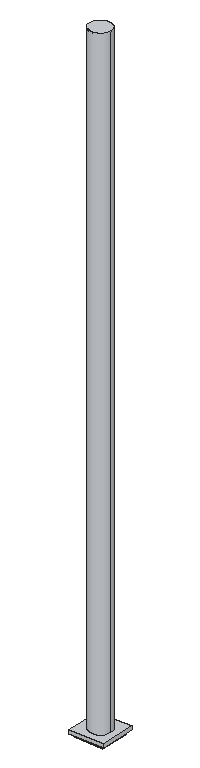
Revit family "Poste circular", category Balaústres, Revit 2019
Family settings
  Número OmniClass = 23.30.80.11.11.14
  Título OmniClass = Posts, Newel Posts, Pickets
  ID de item do Seek = Post - Round-0000-CAN-ENU
  Sempre na vertical = Sim
  Corte com vazios quando carregada = Não
  Compartilhado = Não
Parameters (values of type "30mm")
  built-in parameter 1008623 [instance] = (empty or 0)
  built-in parameter 1008625 [instance] = (empty or 0)
  Raio = 15 mm
  Material de poste = none
  Largura = (Raio + 10 mm) * 2  # 50 mm
  Post = yes
  built-in parameter 1008624 [instance] = (empty or 0)
  built-in parameter 1008622 [instance] = 900 mm
Reference planes
  plane 1 "Centro (Frente/Trás)": y = 0
  plane 2: z = 0
  plane 3 "Centro (Esquerda/Direita)": x = 0
  plane 4 "Superior": z = 900
  plane 5: y = 25
  plane 6: y = -25
  plane 7: z = 5
  plane 8: z = 10
  plane 9: x = 25
  plane 10: x = -25
  plane 11: x = -20
  plane 12: x = 20
  plane 13: y = 20
  plane 14: y = -20
Forms (mm)
  Extrusion 1, solid
    sketch origin (0, 0, 0) x (1, 0, 0) y (0, 1, 0)
      loop
        line (-25, 25) -> (-25, -25) -> (25, -25) -> (25, 25) -> (-25, 25)
    from 5 to 10
  Extrusion 2, solid
    sketch origin (0, 0, 0) x (1, 0, 0) y (0, 1, 0)
      loop
        line (-20, 20) -> (-20, -20) -> (20, -20) -> (20, 20) -> (-20, 20)
    from 0 to 5
  Extrusion 3, solid
    sketch origin (0, 0, 0) x (1, 0, 0) y (0, 1, 0)
      loop
        circle (0, 0) r 15
    from 10 to 900
Dimensions and locks
  "built-in parameter 1008622": plane 2 to plane 4 "Superior"
  equal spacing: plane 5, plane 1 "Centro (Frente/Trás)", plane 6
  equal spacing: plane 13, plane 1 "Centro (Frente/Trás)", plane 14
  equal spacing: plane 11, plane 3 "Centro (Esquerda/Direita)", plane 12
  locked: plane 5 to plane 13 at 5
  locked: plane 12 to plane 9 at 5
  equal spacing: plane 10, plane 3 "Centro (Esquerda/Direita)", plane 9
  locked: plane 2 to plane 7 at 5
  locked: plane 7 to plane 8 at 5
  "Largura": plane 10 to plane 9
  "Largura": plane 5 to plane 6
  "Raio": radius of Extrusion 3 sketch curve
  aligned and locked: Extrusion 1 sketch curve to plane 5
  aligned and locked: plane 10 to Extrusion 1 sketch curve
  aligned and locked: plane 6 to Extrusion 1 sketch curve
  aligned and locked: Extrusion 1 sketch curve to plane 9
  aligned and locked: plane 8 to Extrusion 1
  aligned and locked: Extrusion 1 to plane 7
  aligned and locked: plane 9 to Extrusion 1
  aligned and locked: Extrusion 1 to plane 10
  aligned and locked: Extrusion 1 to plane 8
  aligned and locked: plane 7 to Extrusion 1
  aligned and locked: Extrusion 2 to plane 2
  aligned and locked: plane 7 to Extrusion 2
  aligned and locked: plane 12 to Extrusion 2
  aligned and locked: Extrusion 2 to plane 11
  aligned and locked: plane 1 "Centro (Frente/Trás)" to Extrusion 3 sketch curve
  aligned and locked: plane 3 "Centro (Esquerda/Direita)" to Extrusion 3 sketch curve
  aligned and locked: Extrusion 3 to plane 4 "Superior"
  aligned and locked: Extrusion 3 to plane 8
Automatic sketch dimensions
  Extrusion 2 sketch curve to plane 11 = 0 mm
  Extrusion 2 sketch curve to plane 12 = 0 mm
  Extrusion 2 sketch curve to plane 14 = 0 mm
  Extrusion 2 sketch curve to plane 13 = 0 mm
